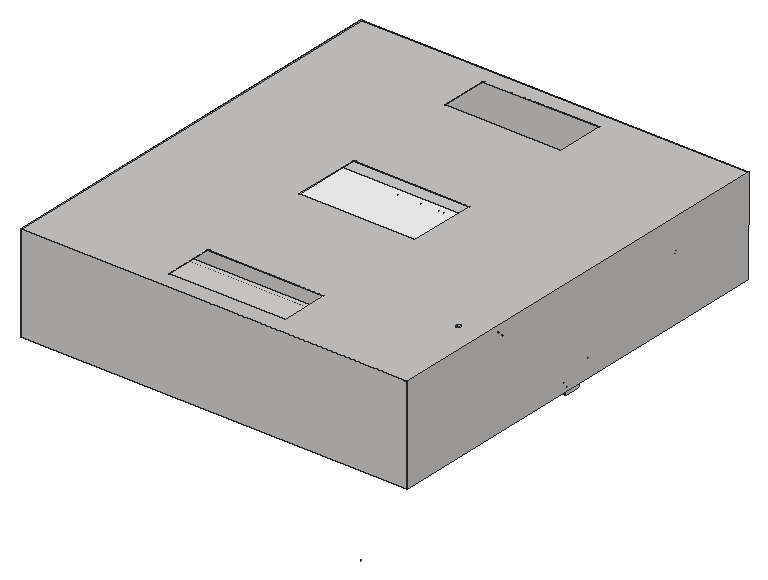
Revit family "QF_ELECTROLUXPROFESSIONAL_641266_STCF2220", category Specialty Equipment, Revit 2014
Reference planes
  plane 1: z = 0
  plane 2 "Center (Left/Right)": x = 150
  plane 3 "LEFT": x = -850
  plane 4 "RIGHT": x = 1150
  plane 5 "BACK": y = 550
  plane 6 "TOP": z = 2500
  plane 7 "Base": z = 2000
  plane 8: z = 1955
  plane 9: x = -847
  plane 10 "DrainX": x = 1030
  plane 11 "AOLeft2": x = 450
  plane 12: x = 1147
  plane 13: x = -650
  plane 14: x = 950
  plane 15 "Center (Front/Back)": y = -550
  plane 16 "Front": y = -1650
  plane 17 "AOLeft1": x = -150
  plane 18 "EI_y": y = -1170
  plane 19 "EIx": x = 1030
  plane 20: y = 464
  plane 21: y = 214
  plane 22: y = -1564
  plane 23: y = -1314
  plane 24: y = -375
  plane 25: y = -725
Forms (mm)
  Extrusion 1, solid, material "QF_Finishes_Stainless Steel"
    sketch origin (-850, 0, 360) x (0, 1, 0) y (0, 0, 1)
      loop
        line (550, 1640) -> (550, 2140) -> (-1650, 2140) -> (-1650, 1640) -> (550, 1640)
    from 0 to 3
  Extrusion 2, solid, material "QF_Finishes_Stainless Steel"
    sketch origin (1150, 0, 360) x (0, 1, 0) y (0, 0, 1)
      loop
        line (550, 1640) -> (550, 2140) -> (-1650, 2140) -> (-1650, 1640) -> (550, 1640)
    from 0 to -3
  Extrusion 3, solid, material "QF_Finishes_Stainless Steel"
    sketch origin (150, 0, 360) x (0, 1, 0) y (0, 0, 1)
      loop
        line (-1650, 2140) -> (-1650, 1640) -> (-1640, 1640) -> (-1640, 1640.8) -> (-1649.2, 1640.8) -> (-1649.2, 2139.19) -> (549.2, 2139.19) -> (549.2, 1640.8) -> (540, 1640.8) -> (540, 1640) -> (550, 1640) -> (550, 2140) -> (-1650, 2140)
    from -1000 to 1000
  Extrusion 4, solid, material "QF_Finishes_Stainless Steel"
    sketch origin (0, -840, 2000) x (0, 1, 0) y (-1, 0, 0)
      loop
        circle (290, -1030) r 4.763
    from -30 to 0
  Extrusion 5, void
    sketch origin (0, 0, 2500) x (0, 1, 0) y (-1, 0, 0)
      loop
        line (-1564, -450) -> (-1314, -450) -> (-1314, 150) -> (-1564, 150) -> (-1564, -450)
    from 0 to -10
  Extrusion 6, solid, material "QF_Finishes_Stainless Steel"
    sketch origin (0, 0, 0) x (1, 0, 0) y (0, 1, 0)
      loop
        line (-850, 550) -> (-850, 549) -> (-849, 549) -> (-849, 550) -> (-850, 550)
    from 0 to 1
  Sweep 7, solid, material "QF_Finishes_Stainless Steel"
    path origin (0, 0, 0) x (1, 0, 0) y (0, 1, 0)
      loop
        line (1150, 550) -> (-850, 550) -> (-850, -1650) -> (1150, -1650) -> (1150, 550)
    profile origin (1150, -550, 0) x (1, 0, 0) y (0, 0, 1)
      loop
        line (-3, 2000) -> (-3, 2000.8) -> (-19, 2000.8) -> (-19, 2010) -> (-20, 2010) -> (-20, 2000) -> (-3, 2000)
  Extrusion 8, solid, material "QF_Finishes_Stainless Steel"
    sketch origin (150, -636.588, -19.176) x (0, 0.995194, 0.097925) y (0, -0.097925, 0.995194)
      loop
        line (214.66, 2095.469) -> (240.643, 2110.471) -> (61.744, 2411.771) -> (35.948, 2396.455) -> (214.66, 2095.469)
    from -997 to -800
  Extrusion 9, solid, material "QF_Finishes_Stainless Steel"
    sketch origin (1030, -840, 0) x (0, 1, 0) y (0, 0, 1)
      loop
        line (339, 2000) -> (241, 2000) -> (241, 1989) -> (248.5, 1989) -> (248.5, 1965)
        arc (248.5, 1965) -> (251.429, 1957.929) -> (258.5, 1955) r 10
        line (258.5, 1955) -> (321.5, 1955)
        arc (321.5, 1955) -> (328.571, 1957.929) -> (331.5, 1965) r 10
        line (331.5, 1965) -> (331.5, 1989) -> (339, 1989) -> (339, 2000)
    from 90 to -90
  Extrusion 10, solid, material "QF_Finishes_Stainless Steel"
    sketch origin (150, -636.588, -19.176) x (0, 0.995194, 0.097925) y (0, -0.097925, 0.995194)
      loop
        line (214.66, 2095.469) -> (240.643, 2110.471) -> (61.744, 2411.771) -> (35.948, 2396.455) -> (214.66, 2095.469)
    from 800 to 997
  Extrusion 11, solid, material "QF_Finished_Chrome"
    sketch origin (150, -636.588, -19.176) x (0, 0.995194, 0.097925) y (0, -0.097925, 0.995194)
      loop
        line (214.66, 2095.469) -> (240.643, 2110.471) -> (61.744, 2411.771) -> (35.948, 2396.455) -> (214.66, 2095.469)
    from -800 to 800
  Extrusion 12, void
    sketch origin (0, 1180, 2500) x (0, 1, 0) y (-1, 0, 0)
      loop
        line (-1555, -450) -> (-1555, 150) -> (-1905, 150) -> (-1905, -450) -> (-1555, -450)
    from 0 to -10
  Extrusion 13, solid, material "QF_Finishes_Stainless Steel"
    sketch origin (0, 0, 2500) x (0, 1, 0) y (-1, 0, 0)
      loop
        circle (-1170, -1030) r 10
    from 0 to 1.6
  Extrusion 14, solid, material "QF_LAMPS"
    sketch origin (150, -267.149, 218.369) x (0, 0.987229, -0.159309) y (0, 0.159309, 0.987229)
      loop
        line (-1250.105, 1928.62) -> (-1096.231, 2053.226) -> (-1104.529, 2063.269) -> (-1258.575, 1938.524) -> (-1250.105, 1928.62)
    from 997 to -997
  Extrusion 15, solid, material "QF_Finishes_Stainless Steel"
    sketch origin (150, 0, 360) x (0, 1, 0) y (0, 0, 1)
      loop
        line (-1650, 2139.19) -> (-1650, 1640) -> (-1586.602, 1640) -> (-1499.146, 1690.493) -> (-1510.058, 1709.394) -> (-1566.564, 1676.77) -> (-1614.704, 1680.982) -> (-1649.2, 1730.248) -> (-1649.2, 2139.19) -> (-1650, 2139.19)
      loop
        line (-1194.054, 1961.505) -> (-1200.838, 1972.631) -> (-1186.477, 1980.7) -> (-1186.477, 2127.391) -> (-1085.664, 2127.391) -> (-1029.871, 2072.95) -> (-1022.281, 2060.013) -> (-919.435, 2120.351) -> (-919.902, 2121.003) -> (-1021.996, 2061.107) -> (-1029.236, 2073.448) -> (-1085.338, 2128.191) -> (-1187.277, 2128.191) -> (-1187.277, 1982.446) -> (-1586.208, 1744.533) -> (-1576.362, 1728.386) -> (-1194.054, 1961.505)
    from -997 to 997
  Extrusion 16, void
    sketch origin (0, 814, 2500) x (0, 1, 0) y (-1, 0, 0)
      loop
        line (-600, -450) -> (-350, -450) -> (-350, 150) -> (-600, 150) -> (-600, -450)
    from 0 to -10
  Extrusion 17, solid, material "QF_Finishes_Stainless Steel"
    sketch origin (150, 0, 0) x (0, 1, 0) y (0, 0, 1)
      loop
        line (-628.158, 2087.242) -> (-603.769, 2104.716) -> (-811.314, 2387.05) -> (-835.486, 2369.281) -> (-628.158, 2087.242)
    from -997 to -800
  Extrusion 18, solid, material "QF_Finished_Chrome"
    sketch origin (150, 0, 0) x (0, 1, 0) y (0, 0, 1)
      loop
        line (-628.158, 2087.242) -> (-603.769, 2104.716) -> (-811.314, 2387.05) -> (-835.486, 2369.281) -> (-628.158, 2087.242)
    from -800 to 800
  Extrusion 19, solid, material "QF_Finishes_Stainless Steel"
    sketch origin (150, -870.88, 319.508) x (0, 0.995194, 0.097925) y (0, -0.097925, 0.995194)
      loop
        line (426.151, 1646.675) -> (483.9, 1640.993) -> (483.982, 1641.83) -> (426.613, 1647.475) -> (371.906, 1742.23) -> (414.858, 1734.657) -> (442.266, 1750.481) -> (442.266, 1765.943) -> (441.466, 1765.943) -> (441.466, 1750.943) -> (414.709, 1735.495) -> (321.153, 1751.991) -> (320.875, 1750.416) -> (371.4, 1741.507) -> (426.151, 1646.675)
      loop
        line (162.878, 2155.907) -> (242.893, 2017.316) -> (245.133, 2018.715) -> (240.13, 2027.381) -> (238.569, 2026.405) -> (163.571, 2156.307) -> (162.878, 2155.907)
    from -997 to 997
  Extrusion 20, solid, material "QF_Finishes_Stainless Steel"
    sketch origin (150, -463.412, -19.176) x (0, -0.995194, 0.097925) y (0, -0.097925, -0.995194)
      loop
        line (214.66, -2095.469) -> (35.948, -2396.455) -> (61.744, -2411.771) -> (240.643, -2110.471) -> (214.66, -2095.469)
    from 800 to 997
  Extrusion 21, solid, material "QF_Finishes_Stainless Steel"
    sketch origin (150, 0, 0) x (0, 1, 0) y (0, 0, 1)
      loop
        line (-471.842, 2087.242) -> (-264.514, 2369.281) -> (-288.686, 2387.05) -> (-496.231, 2104.716) -> (-471.842, 2087.242)
    from -997 to -800
  Extrusion 22, solid, material "QF_Finished_Chrome"
    sketch origin (150, 0, 0) x (0, 1, 0) y (0, 0, 1)
      loop
        line (-471.842, 2087.242) -> (-264.514, 2369.281) -> (-288.686, 2387.05) -> (-496.231, 2104.716) -> (-471.842, 2087.242)
    from -800 to 800
  Extrusion 23, solid, material "QF_Finishes_Stainless Steel"
    sketch origin (150, -229.12, 319.508) x (0, -0.995194, 0.097925) y (0, -0.097925, -0.995194)
      loop
        line (426.151, -1646.675) -> (371.4, -1741.507) -> (320.875, -1750.416) -> (321.153, -1751.991) -> (414.709, -1735.495) -> (441.466, -1750.943) -> (441.466, -1765.943) -> (442.266, -1765.943) -> (442.266, -1750.481) -> (414.858, -1734.657) -> (371.906, -1742.23) -> (426.613, -1647.475) -> (483.982, -1641.83) -> (483.9, -1640.993) -> (426.151, -1646.675)
      loop
        line (162.878, -2155.907) -> (163.571, -2156.307) -> (238.569, -2026.405) -> (240.13, -2027.381) -> (245.133, -2018.715) -> (242.893, -2017.316) -> (162.878, -2155.907)
    from -997 to 997
  Extrusion 24, solid, material "QF_LAMPS"
    sketch origin (150, -832.851, 218.369) x (0, -0.987229, -0.159309) y (0, 0.159309, -0.987229)
      loop
        line (-1250.105, -1928.62) -> (-1258.575, -1938.524) -> (-1104.529, -2063.269) -> (-1096.231, -2053.226) -> (-1250.105, -1928.62)
    from 997 to -997
  Extrusion 25, solid, material "QF_Finishes_Stainless Steel"
    sketch origin (150, -1100, 360) x (0, -1, 0) y (0, 0, -1)
      loop
        line (-1650, -2139.19) -> (-1649.2, -2139.19) -> (-1649.2, -1730.248) -> (-1614.704, -1680.982) -> (-1566.564, -1676.77) -> (-1510.058, -1709.394) -> (-1499.146, -1690.493) -> (-1586.602, -1640) -> (-1650, -1640) -> (-1650, -2139.19)
      loop
        line (-1194.054, -1961.505) -> (-1576.362, -1728.386) -> (-1586.208, -1744.533) -> (-1187.277, -1982.446) -> (-1187.277, -2128.191) -> (-1085.338, -2128.191) -> (-1029.236, -2073.448) -> (-1021.996, -2061.107) -> (-919.902, -2121.003) -> (-919.435, -2120.351) -> (-1022.281, -2060.013) -> (-1029.871, -2072.95) -> (-1085.664, -2127.391) -> (-1186.477, -2127.391) -> (-1186.477, -1980.7) -> (-1200.838, -1972.631) -> (-1194.054, -1961.505)
    from -997 to 997
Cuts and joins
  Extrusion 5, Extrusion 12, Extrusion 16 cuts Extrusion 3
  joined: Extrusion 2, Extrusion 3, Sweep 7
Lines and regions (mm)
  symbolic lines, style "SpecialityEquipment", detail levels coarse
    curve 1: line (1150, 550, 2500) -> (-850, 550, 2500)
    curve 2: line (-850, 550, 2500) -> (-850, -1650, 2500)
    curve 3: line (1150, -1650, 2500) -> (1150, 550, 2500)
    curve 4: line (-850, 550, 0) -> (1150, -1650, 0)
    curve 5: line (1150, 550, 0) -> (-850, -1650, 0)
    curve 6: line (-850, -1650, 0) -> (1150, -1650, 0)
  symbolic lines, detail levels coarse
    curve 7: line (-150, 464, 2500) -> (450, 464, 2500)
    curve 8: line (-150, 214, 2500) -> (-150, 464, 2500)
    curve 9: line (450, 214, 2500) -> (-150, 214, 2500)
    curve 10: line (450, 464, 2500) -> (450, 214, 2500)
    curve 11: line (-150, -375, 2500) -> (450, -375, 2500)
    curve 12: line (-150, -725, 2500) -> (-150, -375, 2500)
    curve 13: line (450, -725, 2500) -> (-150, -725, 2500)
    curve 14: line (450, -375, 2500) -> (450, -725, 2500)
    curve 15: line (-150, -1314, 2500) -> (450, -1314, 2500)
    curve 16: line (-150, -1564, 2500) -> (-150, -1314, 2500)
    curve 17: line (450, -1564, 2500) -> (-150, -1564, 2500)
    curve 18: line (450, -1314, 2500) -> (450, -1564, 2500)
Dimensions and locks
  plane 3 "LEFT" to plane 4 "RIGHT" = 2000 mm
  equal spacing: plane 3 "LEFT", plane 2 "Center (Left/Right)", plane 4 "RIGHT"
  plane 7 "Base" to plane 8 = 45 mm
  plane 3 "LEFT" to plane 9 = 3 mm
  plane 10 "DrainX" to plane 4 "RIGHT" = 120 mm
  plane 12 to plane 4 "RIGHT" = 3 mm
  plane 3 "LEFT" to plane 13 = 200 mm
  plane 14 to plane 4 "RIGHT" = 200 mm
  locked: plane 7 "Base" to level at 2000
  locked: plane 6 "TOP" to plane 7 "Base" at 500
  locked: plane 17 "AOLeft1" to plane 11 "AOLeft2" at 600
  locked: plane 18 "EI_y" to plane 16 "Front" at 480
  locked: plane 19 "EIx" to plane 4 "RIGHT" at 120
  locked: plane 5 "BACK" to plane 20 at 86
  plane 20 to plane 21 = 250 mm
  locked: plane 22 to plane 16 "Front" at 86
  locked: plane 22 to plane 23 at 250
  plane 24 to plane 15 "Center (Front/Back)" = 175 mm
  plane 15 "Center (Front/Back)" to plane 25 = 175 mm
  plane 24 to plane 25 = 350 mm
  locked: plane 5 "BACK" to plane 16 "Front" at 2200
  plane 5 "BACK" to plane 15 "Center (Front/Back)" to plane 16 "Front" = 1100 mm, 1100 mm
  plane 5 "BACK" to plane 16 "Front" = 2200 mm
  equal spacing: plane 17 "AOLeft1", plane 2 "Center (Left/Right)", plane 11 "AOLeft2"
  aligned and locked: level to plane 1
  aligned and locked: plane 4 "RIGHT" to Extrusion 3
  aligned and locked: Extrusion 3 to plane 3 "LEFT"
  aligned and locked: Extrusion 2 to plane 12
  aligned and locked: Extrusion 8 to plane 9
  aligned and locked: plane 17 "AOLeft1" to Extrusion 5
  aligned and locked: Extrusion 5 to plane 11 "AOLeft2"
  aligned and locked: plane 13 to Extrusion 8
  aligned and locked: plane 14 to Extrusion 10
  aligned and locked: plane 12 to Extrusion 10
  aligned and locked: Extrusion 11 to plane 13
  aligned and locked: Extrusion 11 to plane 14
  aligned and locked: Extrusion 12 to plane 17 "AOLeft1"
  aligned and locked: Extrusion 12 to plane 11 "AOLeft2"
  aligned and locked: plane 22 to Extrusion 5
  aligned and locked: Extrusion 5 to plane 23
  aligned and locked: Extrusion 16 to plane 17 "AOLeft1"
  aligned and locked: Extrusion 16 to plane 11 "AOLeft2"
  aligned and locked: plane 24 to Extrusion 12
  aligned and locked: Extrusion 12 to plane 25
  aligned and locked: plane 20 to Extrusion 16
  aligned and locked: Extrusion 16 to plane 21
  aligned and locked: Extrusion 15 to plane 9
  aligned and locked: Extrusion 14 to plane 9
  aligned and locked: Extrusion 14 to plane 12
  aligned and locked: Extrusion 15 to plane 12
  aligned and locked: Extrusion 25 to plane 9
  aligned and locked: Extrusion 24 to plane 9
  aligned and locked: Extrusion 23 to plane 9
  aligned and locked: plane 9 to Extrusion 17
  aligned and locked: Extrusion 19 to plane 9
  aligned and locked: plane 13 to Extrusion 17
  aligned and locked: Extrusion 22 to plane 13
  aligned and locked: plane 12 to Extrusion 19
  aligned and locked: plane 12 to Extrusion 23
  aligned and locked: plane 12 to Extrusion 25
  aligned and locked: Extrusion 20 to plane 12
  aligned and locked: plane 12 to Extrusion 24
  aligned and locked: Extrusion 18 to plane 13
  aligned and locked: Extrusion 18 to plane 14
  aligned and locked: plane 14 to Extrusion 20
  aligned and locked: Extrusion 22 to plane 14
  aligned and locked: plane 13 to Extrusion 21
  aligned and locked: Extrusion 21 to plane 9
Automatic sketch dimensions
  curve 6 to plane 3 "LEFT" = 0 mm
  curve 4 to plane 3 "LEFT" = 0 mm
  curve 5 to plane 4 "RIGHT" = 0 mm
  curve 6 to plane 4 "RIGHT" = 0 mm
  curve 4 to plane 16 "Front" = 0 mm
  curve 5 to plane 5 "BACK" = 0 mm
  curve 4 to plane 5 "BACK" = 0 mm
  Extrusion 1 sketch curve to plane 7 "Base" = 0 mm
  Extrusion 1 sketch curve to plane 16 "Front" = 0 mm
  Extrusion 1 sketch curve to plane 5 "BACK" = 0 mm
  Extrusion 1 sketch curve to plane 6 "TOP" = 0 mm
  Extrusion 2 sketch curve to plane 7 "Base" = 0 mm
  Extrusion 2 sketch curve to plane 16 "Front" = 0 mm
  Extrusion 2 sketch curve to plane 5 "BACK" = 0 mm
  Extrusion 2 sketch curve to plane 6 "TOP" = 0 mm
  Extrusion 3 sketch curve to plane 6 "TOP" = 0 mm
  Extrusion 3 sketch curve to plane 16 "Front" = 0 mm
  Extrusion 3 sketch curve to plane 7 "Base" = 0 mm  (x2)
  Extrusion 3 sketch curve to plane 5 "BACK" = 0 mm
  plane 16 "Front" to Extrusion 3 sketch curve = 0.8 mm
  Extrusion 3 sketch curve to Extrusion 3 sketch curve = 9.2 mm
  plane 7 "Base" to Extrusion 3 sketch curve = 0.8 mm  (x2)
  Extrusion 3 sketch curve to plane 5 "BACK" = 10 mm
  Extrusion 3 sketch curve to plane 5 "BACK" = 0.8 mm
  Extrusion 3 sketch curve to plane 6 "TOP" = 0.81 mm
  Extrusion 4 sketch curve to plane 10 "DrainX" = 0 mm
  Extrusion 4 sketch curve to plane 15 "Center (Front/Back)" = 0 mm
  Extrusion 5 sketch curve to plane 17 "AOLeft1" = 0 mm
  plane 22 to Extrusion 5 sketch curve = 0 mm
  Extrusion 5 sketch curve to plane 11 "AOLeft2" = 0 mm
  plane 23 to Extrusion 5 sketch curve = 0 mm
  Extrusion 6 sketch curve to plane 3 "LEFT" = 0 mm
  Extrusion 6 sketch curve to plane 5 "BACK" = 0 mm
  plane 3 "LEFT" to Extrusion 6 sketch curve = 1 mm
  Extrusion 6 sketch curve to Extrusion 6 sketch curve = 1 mm
  Sweep 7 sketch curve to plane 3 "LEFT" = 0 mm
  Sweep 7 sketch curve to plane 4 "RIGHT" = 0 mm
  Sweep 7 sketch curve to plane 16 "Front" = 0 mm
  Sweep 7 sketch curve to plane 5 "BACK" = 0 mm
  profile plane to Sweep 7 sketch curve = 20 mm
  Sweep 7 sketch curve to Sweep 7 sketch curve = 1 mm
  profile plane to Sweep 7 sketch curve = 3 mm
  level to Sweep 7 sketch curve = 2000 mm
  Sweep 7 sketch curve to Sweep 7 sketch curve = 0.8 mm
  Sweep 7 sketch curve to Sweep 7 sketch curve = 9.2 mm
  Extrusion 8 sketch curve to plane 25 = 110.486 mm
  Extrusion 8 sketch curve to plane 6 "TOP" = 130.719 mm
  Extrusion 8 sketch curve to Extrusion 8 sketch curve = 25.795 mm
  Extrusion 8 sketch curve to Extrusion 8 sketch curve = 178.712 mm
  Extrusion 8 sketch curve to Extrusion 8 sketch curve = 25.983 mm
  Extrusion 8 sketch curve to Extrusion 8 sketch curve = 285.985 mm
  Extrusion 8 sketch curve to Extrusion 8 sketch curve = 15.001 mm
  Extrusion 8 sketch curve to Extrusion 8 sketch curve = 15.316 mm
  Extrusion 9 sketch curve to plane 8 = 0 mm
  Extrusion 9 sketch curve to plane 7 "Base" = 11 mm  (x2)
  Extrusion 9 sketch curve to plane 15 "Center (Front/Back)" = 49 mm
  Extrusion 9 sketch curve to Extrusion 9 sketch curve = 7.5 mm  (x2)
  plane 8 to Extrusion 9 sketch curve = 10 mm
  plane 15 "Center (Front/Back)" to Extrusion 9 sketch curve = 31.5 mm
  Extrusion 9 sketch curve to Extrusion 9 sketch curve = 10 mm
  plane 7 "Base" to Extrusion 9 sketch curve = 0 mm
  Extrusion 10 sketch curve to plane 25 = 110.486 mm
  Extrusion 10 sketch curve to plane 6 "TOP" = 130.719 mm
  Extrusion 10 sketch curve to Extrusion 10 sketch curve = 25.795 mm
  Extrusion 10 sketch curve to Extrusion 10 sketch curve = 178.712 mm
  Extrusion 10 sketch curve to Extrusion 10 sketch curve = 25.983 mm
  Extrusion 10 sketch curve to Extrusion 10 sketch curve = 285.985 mm
  Extrusion 10 sketch curve to Extrusion 10 sketch curve = 15.001 mm
  Extrusion 10 sketch curve to Extrusion 10 sketch curve = 15.316 mm
  Extrusion 11 sketch curve to plane 25 = 110.486 mm
  Extrusion 11 sketch curve to plane 6 "TOP" = 130.719 mm
  Extrusion 11 sketch curve to Extrusion 11 sketch curve = 25.795 mm
  Extrusion 11 sketch curve to Extrusion 11 sketch curve = 178.712 mm
  Extrusion 11 sketch curve to Extrusion 11 sketch curve = 25.983 mm
  Extrusion 11 sketch curve to Extrusion 11 sketch curve = 285.985 mm
  Extrusion 11 sketch curve to Extrusion 11 sketch curve = 15.001 mm
  Extrusion 11 sketch curve to Extrusion 11 sketch curve = 15.316 mm
  Extrusion 12 sketch curve to plane 11 "AOLeft2" = 0 mm
  Extrusion 12 sketch curve to plane 25 = 0 mm
  Extrusion 12 sketch curve to plane 24 = 0 mm
  Extrusion 12 sketch curve to plane 17 "AOLeft1" = 0 mm
  Extrusion 13 sketch curve to plane 18 "EI_y" = 0 mm
  Extrusion 13 sketch curve to plane 19 "EIx" = 0 mm
  Extrusion 14 sketch curve to plane 18 "EI_y" = 30.826 mm
  Extrusion 14 sketch curve to plane 6 "TOP" = 167.362 mm
  Extrusion 14 sketch curve to Extrusion 14 sketch curve = 8.47 mm
  Extrusion 14 sketch curve to Extrusion 14 sketch curve = 154.047 mm
  Extrusion 14 sketch curve to Extrusion 14 sketch curve = 8.298 mm
  Extrusion 14 sketch curve to Extrusion 14 sketch curve = 9.904 mm
  Extrusion 14 sketch curve to Extrusion 14 sketch curve = 124.605 mm
  Extrusion 14 sketch curve to Extrusion 14 sketch curve = 10.043 mm
  Extrusion 15 sketch curve to plane 16 "Front" = 0 mm
  Extrusion 15 sketch curve to plane 7 "Base" = 0 mm
  plane 16 "Front" to Extrusion 15 sketch curve = 0.8 mm
  plane 16 "Front" to Extrusion 15 sketch curve = 35.296 mm
  plane 22 to Extrusion 15 sketch curve = 22.602 mm
  plane 22 to Extrusion 15 sketch curve = 22.208 mm
  plane 22 to Extrusion 15 sketch curve = 12.362 mm
  plane 22 to Extrusion 15 sketch curve = 2.564 mm
  Extrusion 15 sketch curve to plane 22 = 53.942 mm
  Extrusion 15 sketch curve to Extrusion 15 sketch curve = 10.912 mm
  Extrusion 15 sketch curve to plane 18 "EI_y" = 30.838 mm
  Extrusion 15 sketch curve to Extrusion 15 sketch curve = 6.784 mm
  Extrusion 15 sketch curve to Extrusion 15 sketch curve = 13.561 mm
  Extrusion 15 sketch curve to Extrusion 15 sketch curve = 0.8 mm  (x2)
  Extrusion 15 sketch curve to plane 6 "TOP" = 12.609 mm
  plane 18 "EI_y" to Extrusion 15 sketch curve = 84.336 mm
  Extrusion 15 sketch curve to Extrusion 15 sketch curve = 0.326 mm
  Extrusion 15 sketch curve to plane 6 "TOP" = 67.05 mm
  Extrusion 15 sketch curve to Extrusion 15 sketch curve = 55.793 mm
  Extrusion 15 sketch curve to plane 6 "TOP" = 66.552 mm
  Extrusion 15 sketch curve to Extrusion 15 sketch curve = 0.636 mm
  Extrusion 15 sketch curve to Extrusion 15 sketch curve = 7.59 mm
  Extrusion 15 sketch curve to plane 6 "TOP" = 78.893 mm
  Extrusion 15 sketch curve to Extrusion 15 sketch curve = 0.285 mm
  Extrusion 15 sketch curve to plane 6 "TOP" = 18.997 mm
  Extrusion 15 sketch curve to plane 6 "TOP" = 19.649 mm
  Extrusion 15 sketch curve to Extrusion 15 sketch curve = 0.467 mm
  plane 7 "Base" to Extrusion 15 sketch curve = 36.77 mm
  plane 7 "Base" to Extrusion 15 sketch curve = 40.982 mm
  plane 7 "Base" to Extrusion 15 sketch curve = 50.493 mm
  Extrusion 15 sketch curve to Extrusion 15 sketch curve = 18.901 mm
  Extrusion 15 sketch curve to Extrusion 15 sketch curve = 51.616 mm
  Extrusion 15 sketch curve to Extrusion 15 sketch curve = 49.266 mm
  Extrusion 15 sketch curve to Extrusion 15 sketch curve = 16.147 mm
  Extrusion 15 sketch curve to Extrusion 15 sketch curve = 165.885 mm
  Extrusion 15 sketch curve to Extrusion 15 sketch curve = 8.069 mm
  Extrusion 15 sketch curve to Extrusion 15 sketch curve = 1.746 mm
  Extrusion 15 sketch curve to Extrusion 15 sketch curve = 1.094 mm
  Extrusion 15 sketch curve to plane 6 "TOP" = 0.81 mm
  plane 17 "AOLeft1" to Extrusion 16 sketch curve = 0 mm
  Extrusion 16 sketch curve to plane 21 = 0 mm
  Extrusion 16 sketch curve to plane 11 "AOLeft2" = 0 mm
  Extrusion 16 sketch curve to plane 20 = 0 mm
  Extrusion 19 sketch curve to plane 6 "TOP" = 18.997 mm
  Extrusion 19 sketch curve to plane 25 = 194.902 mm
  Extrusion 19 sketch curve to Extrusion 19 sketch curve = 0.693 mm
  Extrusion 19 sketch curve to Extrusion 19 sketch curve = 74.998 mm
  Extrusion 19 sketch curve to Extrusion 19 sketch curve = 1.561 mm
  Extrusion 19 sketch curve to Extrusion 19 sketch curve = 4.324 mm
  Extrusion 19 sketch curve to Extrusion 19 sketch curve = 2.24 mm
  Extrusion 19 sketch curve to Extrusion 19 sketch curve = 77.982 mm
  Extrusion 19 sketch curve to Extrusion 19 sketch curve = 0.278 mm
  Extrusion 19 sketch curve to Extrusion 19 sketch curve = 50.525 mm
  Extrusion 19 sketch curve to Extrusion 19 sketch curve = 0.506 mm
  Extrusion 19 sketch curve to Extrusion 19 sketch curve = 42.803 mm
  Extrusion 19 sketch curve to Extrusion 19 sketch curve = 0.148 mm
  Extrusion 19 sketch curve to Extrusion 19 sketch curve = 11.294 mm
  Extrusion 19 sketch curve to Extrusion 19 sketch curve = 0.462 mm  (x2)
  Extrusion 19 sketch curve to Extrusion 19 sketch curve = 57.287 mm
  Extrusion 19 sketch curve to Extrusion 19 sketch curve = 0.082 mm
  Extrusion 19 sketch curve to Extrusion 19 sketch curve = 26.757 mm
  Extrusion 19 sketch curve to Extrusion 19 sketch curve = 0.8 mm
  Extrusion 19 sketch curve to Extrusion 19 sketch curve = 128.526 mm
  Extrusion 19 sketch curve to Extrusion 19 sketch curve = 0.975 mm
  Extrusion 19 sketch curve to Extrusion 19 sketch curve = 1.399 mm
  Extrusion 19 sketch curve to Extrusion 19 sketch curve = 252.773 mm
  Extrusion 19 sketch curve to Extrusion 19 sketch curve = 13.951 mm
  Extrusion 19 sketch curve to Extrusion 19 sketch curve = 15 mm
  Extrusion 19 sketch curve to Extrusion 19 sketch curve = 1.575 mm
  Extrusion 19 sketch curve to Extrusion 19 sketch curve = 0.723 mm
  Extrusion 19 sketch curve to Extrusion 19 sketch curve = 0.838 mm
  Extrusion 19 sketch curve to Extrusion 19 sketch curve = 87.182 mm
  Extrusion 19 sketch curve to Extrusion 19 sketch curve = 5.645 mm
  Extrusion 20 sketch curve to plane 24 = 110.486 mm
  plane 6 "TOP" to Extrusion 20 sketch curve = 130.719 mm
  Extrusion 20 sketch curve to Extrusion 20 sketch curve = 25.795 mm
  Extrusion 20 sketch curve to Extrusion 20 sketch curve = 178.712 mm
  Extrusion 20 sketch curve to Extrusion 20 sketch curve = 25.983 mm
  Extrusion 20 sketch curve to Extrusion 20 sketch curve = 285.985 mm
  Extrusion 20 sketch curve to Extrusion 20 sketch curve = 15.001 mm
  Extrusion 20 sketch curve to Extrusion 20 sketch curve = 15.316 mm
  Extrusion 23 sketch curve to plane 6 "TOP" = 18.997 mm
  plane 24 to Extrusion 23 sketch curve = 194.902 mm
  Extrusion 23 sketch curve to Extrusion 23 sketch curve = 0.693 mm
  Extrusion 23 sketch curve to Extrusion 23 sketch curve = 74.998 mm
  Extrusion 23 sketch curve to Extrusion 23 sketch curve = 1.561 mm
  Extrusion 23 sketch curve to Extrusion 23 sketch curve = 4.324 mm
  Extrusion 23 sketch curve to Extrusion 23 sketch curve = 2.24 mm
  Extrusion 23 sketch curve to Extrusion 23 sketch curve = 77.982 mm
  Extrusion 23 sketch curve to Extrusion 23 sketch curve = 0.278 mm
  Extrusion 23 sketch curve to Extrusion 23 sketch curve = 50.525 mm
  Extrusion 23 sketch curve to Extrusion 23 sketch curve = 0.506 mm
  Extrusion 23 sketch curve to Extrusion 23 sketch curve = 42.803 mm
  Extrusion 23 sketch curve to Extrusion 23 sketch curve = 0.148 mm
  Extrusion 23 sketch curve to Extrusion 23 sketch curve = 11.294 mm
  Extrusion 23 sketch curve to Extrusion 23 sketch curve = 0.462 mm  (x2)
  Extrusion 23 sketch curve to Extrusion 23 sketch curve = 57.287 mm
  Extrusion 23 sketch curve to Extrusion 23 sketch curve = 0.082 mm
  Extrusion 23 sketch curve to Extrusion 23 sketch curve = 26.757 mm
  Extrusion 23 sketch curve to Extrusion 23 sketch curve = 0.8 mm
  Extrusion 23 sketch curve to Extrusion 23 sketch curve = 0.4 mm
  Extrusion 23 sketch curve to Extrusion 23 sketch curve = 0.975 mm
  Extrusion 23 sketch curve to Extrusion 23 sketch curve = 1.399 mm
  Extrusion 23 sketch curve to Extrusion 23 sketch curve = 252.773 mm
  Extrusion 23 sketch curve to Extrusion 23 sketch curve = 13.951 mm
  Extrusion 23 sketch curve to Extrusion 23 sketch curve = 15 mm
  Extrusion 23 sketch curve to Extrusion 23 sketch curve = 1.575 mm
  Extrusion 23 sketch curve to Extrusion 23 sketch curve = 0.723 mm
  Extrusion 23 sketch curve to Extrusion 23 sketch curve = 0.838 mm
  Extrusion 23 sketch curve to Extrusion 23 sketch curve = 87.182 mm
  Extrusion 23 sketch curve to Extrusion 23 sketch curve = 5.645 mm
  plane 21 to Extrusion 24 sketch curve = 113.174 mm
  plane 6 "TOP" to Extrusion 24 sketch curve = 167.362 mm
  Extrusion 24 sketch curve to Extrusion 24 sketch curve = 8.47 mm
  Extrusion 24 sketch curve to Extrusion 24 sketch curve = 154.047 mm
  Extrusion 24 sketch curve to Extrusion 24 sketch curve = 8.298 mm
  Extrusion 24 sketch curve to Extrusion 24 sketch curve = 9.904 mm
  Extrusion 24 sketch curve to Extrusion 24 sketch curve = 124.605 mm
  Extrusion 24 sketch curve to Extrusion 24 sketch curve = 10.043 mm
  Extrusion 25 sketch curve to plane 5 "BACK" = 0 mm
  Extrusion 25 sketch curve to plane 7 "Base" = 0 mm
  Extrusion 25 sketch curve to Extrusion 25 sketch curve = 0.8 mm  (x3)
  plane 5 "BACK" to Extrusion 25 sketch curve = 35.296 mm
  Extrusion 25 sketch curve to plane 20 = 22.602 mm
  Extrusion 25 sketch curve to plane 20 = 22.208 mm
  Extrusion 25 sketch curve to plane 20 = 12.362 mm
  Extrusion 25 sketch curve to plane 20 = 2.564 mm
  plane 20 to Extrusion 25 sketch curve = 53.942 mm
  Extrusion 25 sketch curve to Extrusion 25 sketch curve = 10.912 mm
  plane 21 to Extrusion 25 sketch curve = 113.162 mm
  Extrusion 25 sketch curve to Extrusion 25 sketch curve = 6.784 mm
  Extrusion 25 sketch curve to Extrusion 25 sketch curve = 13.561 mm
  plane 6 "TOP" to Extrusion 25 sketch curve = 12.609 mm
  Extrusion 25 sketch curve to Extrusion 25 sketch curve = 100.813 mm
  Extrusion 25 sketch curve to Extrusion 25 sketch curve = 0.326 mm
  plane 6 "TOP" to Extrusion 25 sketch curve = 67.05 mm
  Extrusion 25 sketch curve to Extrusion 25 sketch curve = 55.793 mm
  plane 6 "TOP" to Extrusion 25 sketch curve = 66.552 mm
  Extrusion 25 sketch curve to Extrusion 25 sketch curve = 0.636 mm
  plane 6 "TOP" to Extrusion 25 sketch curve = 79.987 mm
  Extrusion 25 sketch curve to Extrusion 25 sketch curve = 7.59 mm
  plane 6 "TOP" to Extrusion 25 sketch curve = 78.893 mm
  Extrusion 25 sketch curve to Extrusion 25 sketch curve = 0.285 mm
  plane 6 "TOP" to Extrusion 25 sketch curve = 18.997 mm
  plane 6 "TOP" to Extrusion 25 sketch curve = 19.649 mm
  Extrusion 25 sketch curve to Extrusion 25 sketch curve = 0.467 mm
  Extrusion 25 sketch curve to plane 7 "Base" = 36.77 mm
  Extrusion 25 sketch curve to plane 7 "Base" = 40.982 mm
  Extrusion 25 sketch curve to plane 7 "Base" = 50.493 mm
  Extrusion 25 sketch curve to Extrusion 25 sketch curve = 18.901 mm
  Extrusion 25 sketch curve to Extrusion 25 sketch curve = 51.616 mm
  Extrusion 25 sketch curve to Extrusion 25 sketch curve = 49.266 mm
  Extrusion 25 sketch curve to Extrusion 25 sketch curve = 16.147 mm
  Extrusion 25 sketch curve to Extrusion 25 sketch curve = 165.885 mm
  Extrusion 25 sketch curve to Extrusion 25 sketch curve = 8.069 mm
  Extrusion 25 sketch curve to Extrusion 25 sketch curve = 1.746 mm
  plane 6 "TOP" to Extrusion 25 sketch curve = 0.81 mm
  Extrusion 18 sketch curve to plane 25 = 110.486 mm
  Extrusion 18 sketch curve to Extrusion 18 sketch curve = 24.172 mm
  Extrusion 18 sketch curve to plane 15 "Center (Front/Back)" = 78.158 mm
  Extrusion 18 sketch curve to Extrusion 18 sketch curve = 24.389 mm
  plane 7 "Base" to Extrusion 18 sketch curve = 87.242 mm
  Extrusion 18 sketch curve to Extrusion 18 sketch curve = 17.473 mm
  Extrusion 18 sketch curve to plane 6 "TOP" = 130.719 mm
  Extrusion 18 sketch curve to Extrusion 18 sketch curve = 17.769 mm
  Extrusion 17 sketch curve to plane 25 = 110.486 mm
  Extrusion 17 sketch curve to Extrusion 17 sketch curve = 24.172 mm
  Extrusion 17 sketch curve to plane 15 "Center (Front/Back)" = 78.158 mm
  Extrusion 17 sketch curve to Extrusion 17 sketch curve = 24.389 mm
  plane 7 "Base" to Extrusion 17 sketch curve = 87.242 mm
  Extrusion 17 sketch curve to Extrusion 17 sketch curve = 17.473 mm
  Extrusion 17 sketch curve to plane 6 "TOP" = 130.719 mm
  Extrusion 17 sketch curve to Extrusion 17 sketch curve = 17.769 mm
  plane 15 "Center (Front/Back)" to Extrusion 21 sketch curve = 53.769 mm
  Extrusion 21 sketch curve to Extrusion 21 sketch curve = 24.389 mm
  plane 24 to Extrusion 21 sketch curve = 86.314 mm
  Extrusion 21 sketch curve to Extrusion 21 sketch curve = 24.172 mm
  plane 7 "Base" to Extrusion 21 sketch curve = 87.242 mm
  Extrusion 21 sketch curve to Extrusion 21 sketch curve = 17.473 mm
  Extrusion 21 sketch curve to plane 6 "TOP" = 130.719 mm
  Extrusion 21 sketch curve to Extrusion 21 sketch curve = 17.769 mm
  plane 15 "Center (Front/Back)" to Extrusion 22 sketch curve = 53.769 mm
  Extrusion 22 sketch curve to Extrusion 22 sketch curve = 24.389 mm
  plane 24 to Extrusion 22 sketch curve = 86.314 mm
  Extrusion 22 sketch curve to Extrusion 22 sketch curve = 24.172 mm
  plane 7 "Base" to Extrusion 22 sketch curve = 87.242 mm
  Extrusion 22 sketch curve to Extrusion 22 sketch curve = 17.473 mm
  Extrusion 22 sketch curve to plane 6 "TOP" = 130.719 mm
  Extrusion 22 sketch curve to Extrusion 22 sketch curve = 17.769 mm
  curve 2 to plane 3 "LEFT" = 0 mm
  curve 2 to plane 16 "Front" = 0 mm
  curve 3 to plane 4 "RIGHT" = 0 mm
  curve 3 to plane 16 "Front" = 0 mm
  curve 17 to plane 17 "AOLeft1" = 0 mm
  plane 22 to curve 17 = 0 mm
  plane 23 to curve 16 = 0 mm
  curve 12 to plane 17 "AOLeft1" = 0 mm
  curve 12 to plane 25 = 0 mm
  curve 11 to plane 11 "AOLeft2" = 0 mm
  curve 11 to plane 24 = 0 mm
  curve 8 to plane 17 "AOLeft1" = 0 mm
  curve 8 to plane 21 = 0 mm
  curve 8 to plane 20 = 0 mm
  curve 2 to plane 5 "BACK" = 0 mm
  curve 15 to plane 11 "AOLeft2" = 0 mm
  curve 7 to plane 11 "AOLeft2" = 0 mm
  radius of Extrusion 4 sketch curve = 4.763 mm
  radius of Extrusion 13 sketch curve = 10 mm
Connectors
  piping at (1030, -550, 1970), diameter 9.5
    settings: on Extrusion 4, index 1, connector inside diameter 609.6 mm, connector length 0 mm, flow factor 0, pipe flow 0.0 L/s, pressure drop 0.0 Pa, fitting loss kfactor 0, connector angle 0.00°, fixture units 0, engagement length 0 mm, angle of deflection 0.00°, flow configuration 1, flow direction 2, fitting loss method 0, system type 16, joint type 0, gender type 0, connector reference index -1, connector utility 0, adjustable connector no, is connector primary yes, connector description "Drain"
  hvac at (150, -1439, 2500)
    settings: on Extrusion 5, index 2, duct flow 0.0 L/s, flow factor 0, pres drop 0.0 Pa, loss coef 0, conn angle 0.00°, conn width 250 mm, conn height 600 mm, conn diameter 609.6 mm, duct sys type 1, conn prof type 1, flow config 1, flow direction 1, loss method 0, conn ref index -1, conn util no, is conn primary yes, conn desc "AIR INLET"
  hvac at (150, -550, 2500)
    settings: on Extrusion 12, index 4, duct flow 0.0 L/s, flow factor 0, pres drop 0.0 Pa, loss coef 0, conn angle 0.00°, conn width 350 mm, conn height 600 mm, conn diameter 609.6 mm, duct sys type 3, conn prof type 1, flow config 1, flow direction 2, loss method 0, conn ref index -1, conn util no, is conn primary no, conn desc "EXHAUST OUTLET"
  electrical at (1030, -1170, 2501.6)
    settings: on Extrusion 13, index 6, voltage 0 V, apparent load 0 VA, apparent load phase1 0 VA, apparent load phase2 0 VA, apparent load phase3 0 VA, power factor 1, load classification "Other", number of poles 1, system type 30, power factor state 1, is connector primary yes, connector utility no, sub classification motor no, connector description "Electrical Connection"
  hvac at (150, 339, 2500)
    settings: on Extrusion 16, index 7, duct flow 0.0 L/s, flow factor 0, pres drop 0.0 Pa, loss coef 0, conn angle 0.00°, conn width 250 mm, conn height 600 mm, conn diameter 609.6 mm, duct sys type 1, conn prof type 1, flow config 1, flow direction 1, loss method 0, conn ref index -1, conn util no, is conn primary no, conn desc "AIR INLET"
